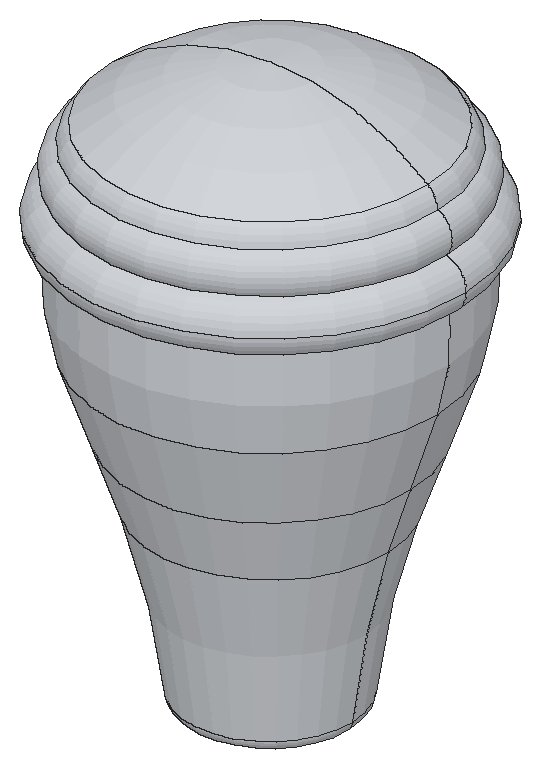
Revit family "Accessory-Cabinet_Knob-KOHLER-Devonshire-K-10575", category Specialty Equipment, host Face, Revit 2015
Parameters (values of type "CP-Polished Chrome")
  Width = 1 3/8"  # constant formula
  URL = "https://www.us.kohler.com/us/"
  Type = 1
  Product Page URL = "https://www.us.kohler.com/us/Devonshire-cabinet-knob/productDetail/cabinet-hardware/427481.htm?skuId=405990&brandId=empty&"
  Product Name = "Devonshire"  # constant formula
  Product Documentation Link = "https://www.us.kohler.com/webassets/kpna/catalog/pdf/en/K-10575_spec.pdf"
  Model = if(Type = 1, "K-10575-CP", if(Type = 2, "K-10575-SN", if(Type = 3, "K-10575-BN", if(Type = 4, "K-10575-BV", if(Type = 5, "K-10575-2BZ", "NA")))))  # "K-10575-CP"
  Material = "Premium Metal Construction"  # constant formula
  MasterFormat 2004 = "10.28.13"  # constant formula
  MasterFormat 1995 = "10820"  # constant formula
  Manufacturer Address = "444 Highland Dr, Kohler, WI 53044"  # constant formula
  Manufacturer = "KOHLER Co."  # constant formula
  Length = 15/16"  # constant formula
  Height = Length  # 15/16"
  Finish = Kohler-Metal-CP-Polished_Chrome
  Environmental Product Declaration = ""
  Description = "Cabinet Knob"  # constant formula
  Default Elevation = 42"
  Declare Label = ""
  Date Modified = "10/24/2018"  # constant formula
  Date Created = "10/24/2018"  # constant formula
  Copyright = "Copyright KOHLER Co."  # constant formula
  Contact Us = "https://www.us.kohler.com/us/static/contact.jsp"
  Assembly Code = "C1030200"
  ADA Compliant = 1 = 0  # no
Types (5): name | Type | Model | Finish
  CP-Polished Chrome | 1 | "K-10575-CP" | Kohler-Metal-CP-Polished_Chrome
  SN-Vibrant Polished Nickel | 2 | "K-10575-SN" | Kohler-Metal-SN-Vibrant_Polished_Nickel
  BN-Vibrant Brushed Nickel | 3 | "K-10575-BN" | Kohler-Metal-BN-Vibrant_Brushed_Nickel
  BV-Vibrant Brushed Bronze | 4 | "K-10575-BV" | Kohler-Metal-BV-Brushed_Bronze
  2BZ-Oil-Rubbed Bronze | 5 | "K-10575-2BZ" | Kohler-Metal-2BZ-Oil_Rubbed_Bronze
Reference planes (in)
  plane 1 "Center (Front/Back)": y = 0
  plane 2: z = 0
  plane 3 "Center (Left/Right)": x = 0
  plane 4: x = -0.46875
  plane 5: x = 0.46875
  plane 6: z = 1.375
Dimensions and locks (in)
  "Length": plane 4 to plane 5
  "Width": plane 6 to level
  aligned and locked: plane 2 to host face
  aligned and locked: level to host face
Automatic sketch dimensions
  host sketch curve to host sketch curve = 96"  (x2)
Nested families (in)
  nested 1: "K-10575" at (0, 0, 0), type "K-10575"
Definition of nested family "K-10575"
  Parameters (values of type "K-10575")
    Material = none
  Reference planes (in)
    plane 1 "Center (Front/Back)": y = 0
    plane 2: z = 0
    plane 3 "Center (Left/Right)": x = 0
    plane 4: x = -0.46875
    plane 5: x = 0.46875
    plane 6: z = 1.375
  Forms (in)
    Revolve 1, solid, material <- "Material", detail levels medium+fine
      sketch origin (0, 0, 0) x (1, 0, 0) y (0, 0, 1)
        loop
          line (0, 0) -> (0, 1.375)
          arc (0, 1.375) -> (-0.19997, 1.34067) -> (-0.37703, 1.2416) r 0.5995
          arc (-0.37703, 1.2416) -> (-0.3938, 1.22154) -> (-0.40173, 1.19663) r 0.06773
          arc (-0.40173, 1.19663) -> (-0.43421, 1.15773) -> (-0.42289, 1.10834) r 0.05702
          arc (-0.42289, 1.10834) -> (-0.45613, 1.08308) -> (-0.46875, 1.04328) r 0.06908
          arc (-0.46875, 1.04328) -> (-0.4578, 1.00947) -> (-0.42911, 0.98849) r 0.05768
          arc (-0.42911, 0.98849) -> (-0.42657, 0.87251) -> (-0.40198, 0.75913) r 0.60606
          arc (-0.40198, 0.75913) -> (-0.37082, 0.666) -> (-0.33715, 0.57373) r 3.64495
          arc (-0.33715, 0.57373) -> (-0.30938, 0.49819) -> (-0.28329, 0.42204) r 3.63453
          arc (-0.28329, 0.42204) -> (-0.22991, 0.22663) -> (-0.19726, 0.02671) r 1.93435
          arc (-0.19726, 0.02671) -> (-0.18747, 0.00765) -> (-0.16746, 0) r 0.02998
          line (-0.16746, 0) -> (0, 0)
        axis (0, 0) -> (0, 1.375)
      angle from 0 to 360
    Revolve 2, solid, material <- "Material", detail levels coarse
      sketch origin (0, 0, 0) x (1, 0, 0) y (0, 0, 1)
        loop
          line (0, 0) -> (0.32226, 0) -> (0.32226, 0.84205) -> (0.46875, 0.84205) -> (0.46875, 1.375) -> (0, 1.375) -> (0, 0)
        axis (0, 0) -> (0, 1.375)
      angle from 0 to 360
  Lines and regions (in)
    Masking region 1
      outline origin (0, 0, 0) x (1, 0, 0) y (0, 0, 1)
        loop
          line (0, 0) -> (0.16746, 0)
          arc (0.16746, 0) -> (0.18747, 0.00765) -> (0.19726, 0.02671) r 0.02998
          arc (0.19726, 0.02671) -> (0.22991, 0.22663) -> (0.28329, 0.42204) r 1.93435
          arc (0.28329, 0.42204) -> (0.30938, 0.49819) -> (0.33715, 0.57373) r 3.63453
          arc (0.33715, 0.57373) -> (0.37082, 0.666) -> (0.40198, 0.75913) r 3.64495
          arc (0.40198, 0.75913) -> (0.42657, 0.87251) -> (0.42911, 0.98849) r 0.60606
          arc (0.42911, 0.98849) -> (0.4578, 1.00947) -> (0.46875, 1.04328) r 0.05768
          arc (0.46875, 1.04328) -> (0.45613, 1.08308) -> (0.42289, 1.10834) r 0.06908
          arc (0.42289, 1.10834) -> (0.43421, 1.15773) -> (0.40173, 1.19663) r 0.05702
          arc (0.40173, 1.19663) -> (0.3938, 1.22154) -> (0.37703, 1.2416) r 0.06773
          arc (0.37703, 1.2416) -> (0.19997, 1.34067) -> (0, 1.375) r 0.5995
          arc (0, 1.375) -> (-0.19997, 1.34067) -> (-0.37703, 1.2416) r 0.5995
          arc (-0.37703, 1.2416) -> (-0.3938, 1.22154) -> (-0.40173, 1.19663) r 0.06773
          arc (-0.40173, 1.19663) -> (-0.43421, 1.15773) -> (-0.42289, 1.10834) r 0.05702
          arc (-0.42289, 1.10834) -> (-0.45613, 1.08308) -> (-0.46875, 1.04328) r 0.06908
          arc (-0.46875, 1.04328) -> (-0.4578, 1.00947) -> (-0.42911, 0.98849) r 0.05768
          arc (-0.42911, 0.98849) -> (-0.42657, 0.87251) -> (-0.40198, 0.75913) r 0.60606
          arc (-0.40198, 0.75913) -> (-0.37082, 0.666) -> (-0.33715, 0.57373) r 3.64495
          arc (-0.33715, 0.57373) -> (-0.30938, 0.49819) -> (-0.28329, 0.42204) r 3.63453
          arc (-0.28329, 0.42204) -> (-0.22991, 0.22663) -> (-0.19726, 0.02671) r 1.93435
          arc (-0.19726, 0.02671) -> (-0.18747, 0.00765) -> (-0.16746, 0) r 0.02998
          line (-0.16746, 0) -> (0, 0)
    Masking region 2
      outline origin (0, 0, 0) x (0, 1, 0) y (0, 0, 1)
        loop
          line (0, 0) -> (0.16746, 0)
          arc (0.16746, 0) -> (0.18747, 0.00765) -> (0.19726, 0.02671) r 0.02998
          arc (0.19726, 0.02671) -> (0.22991, 0.22663) -> (0.28329, 0.42204) r 1.93435
          arc (0.28329, 0.42204) -> (0.30938, 0.49819) -> (0.33715, 0.57373) r 3.63453
          arc (0.33715, 0.57373) -> (0.37082, 0.666) -> (0.40198, 0.75913) r 3.64495
          arc (0.40198, 0.75913) -> (0.42657, 0.87251) -> (0.42911, 0.98849) r 0.60606
          arc (0.42911, 0.98849) -> (0.4578, 1.00947) -> (0.46875, 1.04328) r 0.05768
          arc (0.46875, 1.04328) -> (0.45613, 1.08308) -> (0.42289, 1.10834) r 0.06908
          arc (0.42289, 1.10834) -> (0.43421, 1.15773) -> (0.40173, 1.19663) r 0.05702
          arc (0.40173, 1.19663) -> (0.3938, 1.22154) -> (0.37703, 1.2416) r 0.06773
          arc (0.37703, 1.2416) -> (0.19997, 1.34067) -> (0, 1.375) r 0.5995
          arc (0, 1.375) -> (-0.19997, 1.34067) -> (-0.37703, 1.2416) r 0.5995
          arc (-0.37703, 1.2416) -> (-0.3938, 1.22154) -> (-0.40173, 1.19663) r 0.06773
          arc (-0.40173, 1.19663) -> (-0.43421, 1.15773) -> (-0.42289, 1.10834) r 0.05702
          arc (-0.42289, 1.10834) -> (-0.45613, 1.08308) -> (-0.46875, 1.04328) r 0.06908
          arc (-0.46875, 1.04328) -> (-0.4578, 1.00947) -> (-0.42911, 0.98849) r 0.05768
          arc (-0.42911, 0.98849) -> (-0.42657, 0.87251) -> (-0.40198, 0.75913) r 0.60606
          arc (-0.40198, 0.75913) -> (-0.37082, 0.666) -> (-0.33715, 0.57373) r 3.64495
          arc (-0.33715, 0.57373) -> (-0.30938, 0.49819) -> (-0.28329, 0.42204) r 3.63453
          arc (-0.28329, 0.42204) -> (-0.22991, 0.22663) -> (-0.19726, 0.02671) r 1.93435
          arc (-0.19726, 0.02671) -> (-0.18747, 0.00765) -> (-0.16746, 0) r 0.02998
          line (-0.16746, 0) -> (0, 0)
    Masking region 3
      outline origin (0, 0, 0) x (1, 0, 0) y (0, 1, 0)
        loop
          circle (0, 0) r 0.46875
    symbolic lines, detail levels medium+fine
      curve 1: line (-0.40173, 0, 1.19663) -> (0.40173, 0, 1.19663)
      curve 2: line (-0.42289, 0, 1.10834) -> (0.42289, 0, 1.10834)
      curve 3: line (-0.42911, 0, 0.98849) -> (0.42911, 0, 0.98849)
      curve 4: line (0, 0.40173, 1.19663) -> (0, -0.40173, 1.19663)
      curve 5: line (0, 0.42289, 1.10834) -> (0, -0.42289, 1.10834)
      curve 6: line (0, 0.42911, 0.98849) -> (0, -0.42911, 0.98849)
      curve 7: circle (0, 0, 0) r 0.40173 normal (0, 0, 1)
      curve 8: circle (0, 0, 0) r 0.42911 normal (0, 0, 1)
  Dimensions and locks (in)
    plane 4 to plane 5 = 15/16"
    plane 6 to level = 1 3/8"
    aligned and locked: plane 2 to level
